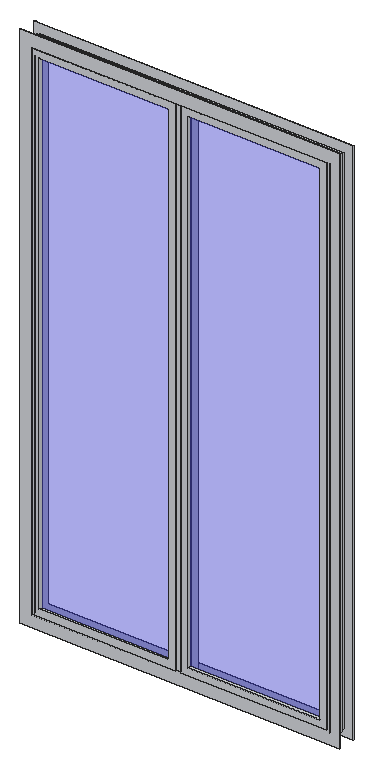
Revit family "1150S_Fixed Single Vertical Rail", category Windows, host Wall, Revit 2023
Family settings
  Host = Wall
  OmniClass Number = 23.30.20.00
  OmniClass Title = Windows
  Always vertical = Yes
  Cut with Voids When Loaded = No
  Shared = No
  Room Calculation Point = No
Parameters
  Left Bay Width = 1' - 4 5/16"
  Height = 5' - 0"
  Glass Material = Glass
  Frame Material = none
  Depth From Exterior = 0' - 1"
  Default Sill Height = 3' - 0"
  Wall Closure = By host
  Width = 3' - 0"
Reference planes (in)
  plane 1 "Center (Front/Back)": y = 0
  plane 2: z = 0
  plane 3 "Center (Left/Right)": x = 0
  plane 4 "Left": x = -18
  plane 5 "Right": x = 18
  plane 6 "Sill": z = 36
  plane 7 "Top": z = 96
  plane 8: y = 3
  plane 9: y = 2
  plane 10: y = 0
  plane 11: y = 0.36291
  plane 12: x = 16.57986
  plane 13: y = 2
  plane 14: y = 0
  plane 15: x = 0.26736
  plane 16: x = 0.09722
Forms (in)
  Sweep 1, solid
    path origin (0, 0, 0) x (1, 0, 0) y (0, 0, 1)
      loop
        line (18, 36) -> (18, 96) -> (-18, 96) -> (-18, 36) -> (18, 36)
    profile origin (0, 0, 36) x (0, 0, -1) y (0, -1, 0)
      loop
        line (0, -2) -> (0, -1.8747) -> (-1.12519, -1.8747) -> (-1.12519, -1.80397) -> (-1.02398, -1.70276) -> (-0.87556, -1.70276) -> (-0.87556, -1.357) -> (-0.813, -1.357) -> (-0.813, -0.643) -> (-0.87556, -0.643) -> (-0.87556, -0.30046) -> (-1.02076, -0.30046) -> (-1.125, -0.19622) -> (-1.125, -0.125) -> (0, -0.125) -> (0, 0) -> (-1.375, 0) -> (-1.375, -0.30355) -> (-1.25, -0.46426) -> (-1.25, -1.375) -> (-2.04514, -1.375) -> (-1.42014, -2) -> (0, -2)
  Sweep 2, solid, material "Glass" <- "Glass Material"
    path origin (0, 0, 0) x (0, 1, 0) y (0, 0, 1)
      loop
        line (1.375, 37.25) -> (1.375, 94.75)
    profile origin (0, 1.375, 66) x (0, -1, 0) y (1, 0, 0)
      loop
        line (0, -16.75) -> (0.25, -16.75) -> (0.25, 16.75) -> (0, 16.75) -> (0, -16.75)
      loop
        line (0.75, -16.75) -> (1, -16.75) -> (1, 16.75) -> (0.75, 16.75) -> (0.75, -16.75)
  Sweep 3, solid, not visible
    path origin (0, 0, 0) x (1, 0, 0) y (0, 0, 1)
      loop
        line (-2.88588, 94.625) -> (-2.88588, 37.42014)
    profile origin (-2.88588, 0, 66.02257) x (0, -1, 0) y (1, 0, 0)
      loop
        line (-2, 1.73718) -> (-2, 0.83489) -> (-1.375, 0.20989) -> (-1.375, 2.36218) -> (-2, 1.73718)
  Sweep 4, solid, not visible
    path origin (0, 0, 0) x (1, 0, 0) y (0, 0, 1)
      loop
        line (2.25689, 94.625) -> (2.25689, 37.375)
    profile origin (2.25689, 0, 66) x (0, -1, 0) y (1, 0, 0)
      loop
        line (-1.375, -3.57574) -> (-1.375, -4.13774) -> (0, -4.13774) -> (0, -3.57574) -> (-1.375, -3.57574)
  Sweep 5, solid
    path origin (0, 0, 0) x (1, 0, 0) y (0, 0, 1)
      loop
        line (1.79922, 94.57986) -> (1.79922, 37.42014)
    profile origin (1.79922, 0, 66) x (0, -1, 0) y (1, 0, 0)
      loop
        line (-1.375, -1.702) -> (-1.375, -0.90686) -> (-2, -1.53186) -> (-2, -2.43414) -> (-1.375, -3.05914) -> (-1.375, -2.264) -> (0, -2.264) -> (0, -1.702) -> (-1.375, -1.702)
  Sweep 6, solid
    path origin (0, 0, 0) x (1, 0, 0) y (0, 0, 1)
      loop
        line (-16.625, 37.375) -> (-0.46478, 37.375) -> (-0.46478, 94.625) -> (-16.625, 94.625) -> (-16.625, 37.375)
    profile origin (-8.54489, 0, 37.375) x (0, 0, 1) y (0, -1, 0)
      loop
        line (0.78358, 0) -> (0, 0) -> (0, -0.08) -> (0, -0.36291) -> (0.78358, -0.36291) -> (0.78358, 0)
  Sweep 7, solid
    path origin (0, 0, 0) x (1, 0, 0) y (0, 0, 1)
      loop
        line (0.09722, 37.375) -> (16.625, 37.375) -> (16.625, 94.625) -> (0.09722, 94.625) -> (0.09722, 37.375)
    profile origin (8.36111, 0, 37.375) x (0, 0, 1) y (0, -1, 0)
      loop
        line (0, -0.08) -> (0, -0.36291) -> (0.78358, -0.36291) -> (0.78358, 0) -> (0, 0) -> (0, -0.08)
Lines and regions (in)
  Opening 1
    outline origin (-60, -3, 0) x (1, 0, 0) y (0, 0, 1)
      loop
        line (42, 96) -> (42, 36) -> (78, 36) -> (78, 96) -> (42, 96)
Text (in)
  text "EXTERIOR" at (-58.6888, 50.90694, 0), in view "Ref. Level"
  text "INTERIOR" at (-58.6888, -37.76638, 0), in view "Ref. Level"
  text "Exterior" at (0, 43.65631, 123.19604), in view "Left"
  text "Exterior" at (0, 18.29385, 125.04747), in view "Right"
Dimensions and locks (in)
  equal spacing: plane 4 "Left", plane 3 "Center (Left/Right)", plane 5 "Right"
  "Height": plane 6 "Sill" to plane 7 "Top"
  "Default Sill Height": plane 2 to plane 6 "Sill"
  "Width": plane 4 "Left" to plane 5 "Right"
  "Depth From Exterior": plane 8 to plane 9
  locked: plane 11 to plane 10 at 0.36291
  locked: plane 9 to plane 10 at 2
  locked: plane 12 to plane 5 "Right" at 1.42014
  plane 12 to plane 5 "Right" = 0' - 1.42014"
  locked: plane 13 to plane 14 at 2
  locked: plane 16 to plane 15 at 0.17014
  "Left Bay Width": plane 15 to plane 12
  aligned and locked: plane 7 "Top" to Opening 1 sketch curve
  aligned and locked: plane 6 "Sill" to Opening 1 sketch curve  (x2)
  aligned and locked: plane 5 "Right" to Opening 1 sketch curve
  aligned and locked: plane 4 "Left" to Opening 1 sketch curve
  aligned and locked: level to plane 2
  aligned and locked: Sweep 1 sketch curve to plane 7 "Top"
  aligned and locked: plane 4 "Left" to Sweep 1 sketch curve
  aligned and locked: plane 6 "Sill" to Sweep 1 sketch curve
  aligned and locked: Sweep 1 sketch curve to plane 5 "Right"
  aligned and locked: Sweep 2 sketch curve to Sweep 1  (x5)
  aligned and locked: plane 8 to host wall
  aligned and locked: plane 9 to Sweep 1
  aligned and locked: plane 10 to Sweep 1
  aligned and locked: plane 12 to Sweep 1
  aligned and locked: Sweep 1 to Sweep 5 sketch curve  (x2)
  aligned and locked: plane 14 to Sweep 5
  aligned and locked: plane 13 to Sweep 5
  aligned and locked: plane 13 to plane 9
  aligned and locked: plane 15 to Sweep 5
  aligned and locked: plane 16 to Sweep 5
  aligned and locked: Sweep 6 sketch curve to Sweep 1  (x3)
  aligned and locked: Sweep 6 sketch curve to Sweep 5
  aligned and locked: Sweep 6 to plane 14
  aligned and locked: Sweep 6 to plane 11
  aligned and locked: Sweep 7 sketch curve to Sweep 1  (x3)
  aligned and locked: Sweep 7 sketch curve to Sweep 5
  aligned and locked: Sweep 7 to plane 14
  aligned and locked: Sweep 7 to plane 11
Automatic sketch dimensions
  profile plane to Sweep 1 sketch curve = 0' - 2.04514"
  Sweep 1 sketch curve to Sweep 1 sketch curve = 0' - 0 5/8"
  Sweep 1 sketch curve to Sweep 1 sketch curve = 0' - 0.67014"
  Sweep 1 sketch curve to Sweep 1 sketch curve = 0' - 0.17014"
  Sweep 1 sketch curve to Sweep 1 sketch curve = 0' - 0.29495"
  Sweep 1 sketch curve to Sweep 1 sketch curve = 0' - 0 1/4"
  Sweep 1 sketch curve to Sweep 1 sketch curve = 0' - 0.10121"  (x2)
  Sweep 1 sketch curve to Sweep 1 sketch curve = 0' - 0.10424"  (x2)
  Sweep 1 sketch curve to Sweep 1 sketch curve = 0' - 0.1452"
  Sweep 1 sketch curve to Sweep 1 sketch curve = 0' - 0 19/128"
  Sweep 1 sketch curve to Sweep 1 sketch curve = 0' - 0.06256"
  Sweep 1 sketch curve to Sweep 1 sketch curve = 0' - 0.87556"  (x2)
  Sweep 1 sketch curve to plane 1 "Center (Front/Back)" = 0' - 2"
  Sweep 1 sketch curve to Sweep 1 sketch curve = 0' - 0.1253"
  Sweep 1 sketch curve to Sweep 1 sketch curve = 0' - 0.07073"
  Sweep 1 sketch curve to Sweep 1 sketch curve = 0' - 0.32776"
  Sweep 1 sketch curve to Sweep 1 sketch curve = 0' - 0.34576"
  Sweep 1 sketch curve to Sweep 1 sketch curve = 0' - 0.714"
  Sweep 1 sketch curve to Sweep 1 sketch curve = 0' - 0.33945"
  Sweep 1 sketch curve to Sweep 1 sketch curve = 0' - 0.00309"
  Sweep 1 sketch curve to Sweep 1 sketch curve = 0' - 0.07122"
  Sweep 1 sketch curve to Sweep 1 sketch curve = 0' - 0 1/8"
  Sweep 1 sketch curve to Sweep 1 sketch curve = 0' - 0.16071"
  Sweep 2 sketch curve to plane 6 "Sill" = 0' - 1 1/4"
  plane 7 "Top" to Sweep 2 sketch curve = 0' - 1 1/4"
  profile plane to Sweep 2 sketch curve = 0' - 0"
  Sweep 2 sketch curve to Sweep 2 sketch curve = 0' - 0 1/4"  (x2)
  Sweep 2 sketch curve to Sweep 2 sketch curve = 0' - 0 3/4"
  Sweep 3 sketch curve to Sweep 3 sketch curve = 0' - 0 5/8"  (x3)
  Sweep 3 sketch curve to profile plane = 0' - 0.20989"
  Sweep 3 sketch curve to Sweep 3 sketch curve = 0' - 0.90228"
  Sweep 4 sketch curve to Sweep 4 sketch curve = 0' - 1 3/8"
  profile plane to Sweep 4 sketch curve = 0' - 4.13774"
  Sweep 4 sketch curve to Sweep 4 sketch curve = 0' - 0.562"
  Sweep 3 sketch curve to Sweep 3 sketch curve = 4' - 9.20486"
  Sweep 3 sketch curve to profile plane = 0' - 2"
  Sweep 4 sketch curve to Sweep 4 sketch curve = 4' - 9 1/4"
  profile plane to Sweep 4 sketch curve = 0' - 0"
  plane 3 "Center (Left/Right)" to Sweep 5 sketch curve = 0' - 1.79922"
  Sweep 5 sketch curve to plane 1 "Center (Front/Back)" = 0' - 2"
  Sweep 5 sketch curve to Sweep 5 sketch curve = 0' - 0 5/8"  (x3)
  Sweep 5 sketch curve to Sweep 5 sketch curve = 0' - 1 3/8"
  profile plane to Sweep 5 sketch curve = 0' - 3.05914"
  Sweep 5 sketch curve to Sweep 5 sketch curve = 0' - 0.79514"  (x2)
  Sweep 5 sketch curve to Sweep 5 sketch curve = 0' - 0.562"
  Sweep 5 sketch curve to Sweep 5 sketch curve = 0' - 0.17014"
  Sweep 6 sketch curve to profile plane = 0' - 0"
  Sweep 6 sketch curve to Sweep 6 sketch curve = 0' - 0.78358"
  Sweep 6 sketch curve to plane 1 "Center (Front/Back)" = 0' - 0.08"
  Sweep 6 sketch curve to Sweep 6 sketch curve = 0' - 0.08"
  Sweep 6 sketch curve to Sweep 6 sketch curve = 0' - 0.28291"
  Sweep 7 sketch curve to profile plane = 0' - 0"
  Sweep 7 sketch curve to Sweep 7 sketch curve = 0' - 0.78358"
  Sweep 7 sketch curve to plane 1 "Center (Front/Back)" = 0' - 0.36291"
  Sweep 7 sketch curve to Sweep 7 sketch curve = 0' - 0.36291"
  Sweep 7 sketch curve to Sweep 7 sketch curve = 0' - 0.08"
